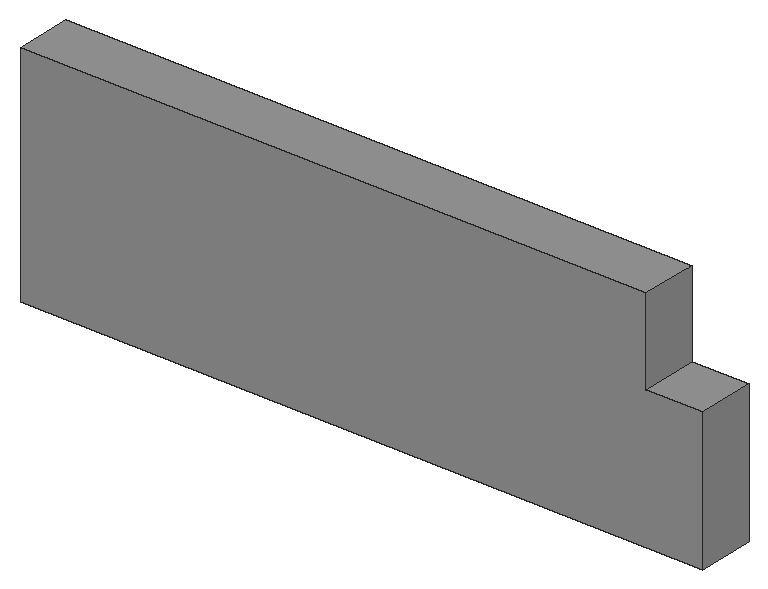
Revit family "1. Infercoa_PDroite_FRA", category Modelos genéricos, Revit 2017
Family settings
  Anfitrión = Muro
  Puede alojar armadura = No
  Cota de conector redondo = Diámetro de uso
  Tipo de pieza = Normal
  Siempre vertical = Sí
  Corte con vacíos al cargar = No
  Compartido = No
  Punto de cálculo de habitación = No
Parameters (values of type "Stonepanel® Infercoa")
  Uniclass 2015 = "Pr_25_71_14_56 Natural stone panels"
  Uniclass 2 = "Pr_25_71_14_56 Natural stone panels"
  Omniclass = "23-15 15 15 11"
  NBS Reference = "45-25-45/380 Natural stone panels"
  Advantages de Stonepanel = "Efficacité:  L’installation des panneaux est simple et facile. Elle n’implique pas l’utilisation de machines spécifiques. La pose est dix fois plus rapide que la pose traditionnelle (20 m2 en moyenne par jour). La longévité de ce produit naturel est supérieure aux autres types de revêtement. Les déchets et les pertes dues aux coupes sont amplement diminués durant le chantier.\r\nSécurité: Le système de fixation breveté et homologué, en acier inoxydable, permet l’installation à plus de 2 mètres de hauteur (Avis Technique, CSTB). La base en ciment, homogène et rugueuse, garantit l’adhésion et permet d’être coupée sans décollement des pierres.\r\nQualité: Le contrôle de la production est effectué de façon continue par le département Innovation de CUPAGROUP. Chaque pierre naturelle est sélectionnée avec une attention particulière par les experts de CUPA STONE. Angles courts, longs, massifs, doubles, pour les fenêtres ou les dessus de mur… De nombreuses pièces spéciales sont proposées en option pour s’adapter parfaitement aux différentes configurations de chantier.\r\nEsthétisme: Le parement en forme de « S » rend les joints invisibles et assure un aspect homogène à la surface installée. Notre gamme de parements en pierre naturelle permet de choisir parmi un large choix de finitions et de coloris. Chaque pierre est unique, ainsi chaque panneau révèle l’élégance et la noblesse de la pierre naturelle."
  Utilisations indiquées = "Revêtements de murs intérieurs ou extérieurs, pour des ouvrages de 12 m de haut au plus.\r\nEn murs intérieurs, les supports admis sont les suivants (ils doivent avoir une épaisseur de 6 cm minimum) :\r\n- les murs en béton,\r\n- les panneaux préfabriqués en béton,\r\n- les enduits à base de ciment sur murs en béton et, murs et parois\r\nen maçonnerie.\r\nEn murs extérieurs, les supports admis sont ceux définis dans le NF DTU 52.2 P1-1-2 (P 61-204-1-1-2) « Cahier des clauses Techniques pour les murs extérieurs ». \r\nEn murs intérieurs, les supports admis sont les suivants (ils doivent avoir une épaisseur de 6 cm minimum) :\r\n- les murs en béton,\r\n- les panneaux préfabriqués en béton,\r\n- les enduits à base de ciment sur murs en béton et, murs et parois\r\nen maçonnerie.\r\nEn murs extérieurs, les supports admis sont ceux définis dans le NF DTU 52.2 P1-1-2 (P 61-204-1-1-2) « Cahier des clauses Techniques pour les murs extérieurs »."
  URL = "http://www.cupastone.fr/produit/stonepanel-orient/"
  Résistance au feu = "STONEPANEL ne sont pas de nature à affecter la tenue au feu des ouvrages."
  Durabilité = "La durabilité de l’ouvrage peut être appréciée comme équivalente à celle d’un carrelage collé en façade."
  Type de livraison = "Les panneaux sont emballés en plastique, en paires."
  Résistance = "Résistance élevée"
  Poids = "8,75 kg"
  Oxydation = "Oxydation naturelle"
  Autres données intéressants = "STONEPANEL  est utilisé pour la réalisation de revêtements de murs intérieurs ou extérieurs, pour des ouvrages de 12 m de haut au plus."
  Modelo = "Stonepanel® Infercoa"
  Matérial = "Parement en quartzite noir Infercoa, exclusivité Cupa Stone, aux tonalités gris foncés en forme de blocs irréguliers pour doter les murs d’un style sobre, naturel, rustique et fort en caractère."
  Nettoyage = "En général, les panneaux ne nécessitent pas d'entretien et sont autonettoyants, mais la suppression de certains types de marques peuvent nécessiter un traitement spécialisé.\r\nPour les salissures anormales, la surface peut être nettoyée à l'aide d'un mélange eau / détergent chaud, appliqué avec un tampon de nettoyage approprié ou une éponge."
  Long = 600 mm
  Impact = "-"
  Imagen de tipo = <Ninguno>
  Format = "600 x 200"
  Form = "Forme de « S »"
  Fabricante = "Cupastone"
  Le vieillissement par des changements thermiques = "Pas d’altération après 20 cycles."
  Tests effectués par Avis Technique = "Résistance mécanique de l'ancrage\r\nRésistance mécanique de l'attache de sécurité\r\nEssais de durabilité après action de l'eau\r\nEssais de durabilité après action du gel\r\nEssai sismique"
  Décalage de hauteur = 0 mm
  Descripción = "Système de panneaux de pierre naturelle prémontés et assemblés\r\nsur une base en ciment renforcée, sur la face arrière, par une armature en fibre de verre."
  Densité apparente = "79,5 kg/m2"
  Couleur secondaire = "Gris Foncé"
  Couleur principale = "Noir"
  Certificats = "Avis Technique - France"
  Apparence = "Rustique"
  Largeur = 50 mm
  Haut = 200 mm
  Finiton = "Naturelle"
  Absorption = "Basse absorption"
  Système d'ancrage = "Bande perforée en acier inoxydable:\r\n- Nature de l’acier : AISI 316 (1.4401) ou AISI 304 (1.4301)\r\n- Epaisseur minimale (mm) : 0,7\r\n- Largeur (mm) : 12 à 15\r\n- Diamètre du trou (mm) : 6 ± 1\r\n\r\nChevilles:\r\nLe choix des chevilles de fixation doit être déterminé compte tenu de l’action en dépression du vent (murs extérieurs) et de la résistance des chevilles dans le support considéré en fonction de de la nature du support. Un exemple de cheville à utiliser est TAPCO TC 6/30 x 60.\r\nLa charge admissible des chevilles est égale à 1/K fois la résistance caractéristique indiquée dans l’Agrément Technique Européen de la cheville ou :\r\n   K = 1,75 par comparaison au vent normal\r\n   K = 3 par comparaison au vent extrême\r\nLes chevilles doivent être adaptées à la nature du support porteur."
  Détails de construction = "Détails de:\r\n- Mise en oeuvre avec un profilé en métal\r\n- Mise en oeuvre de Stonepanel\r\n- Mise en oeuvre de Stonepanel en murs intérieurs\r\n- Mise en oeuvre de l'élément de sécurité\r\n- Angles rentrants\r\n- Angles sortants avec continuité de Stonepanel - éléments d'angles\r\n- Angles sortants avec continuité de Stonepanel - angles préformés\r\n- Angles sortants avec continuité de Stonepanel - sciage d'un panneau\r\n- Angles sortants sans continuité de Stonepanel - cas d'un pignon isolé\r\n- Arêtes supérieures\r\n- Dessus d'acrotère\r\n- Encadrement de baie"
Reference planes
  plane 1 "Muro": y = 0
  plane 2 "Centro (Izquierda/Derecha)": x = 125
  plane 3 "Posterior": y = 75
Forms (mm)
  Extrusion 1, solid, material "Stonepanel® SKY Orient"
    sketch origin (0, 160, 1120) x (1, 0, 0) y (0, 0, 1)
      loop
        line (125, -1120) -> (125, -996) -> (75, -996) -> (75, -920) -> (-475, -920) -> (-475, -1120) -> (125, -1120)
    from 35 to 85
Text (mm)
  text "Cara de colocación" at (-1848.837, 1116.779, 0), in view "Nivel de referencia"
  text "Cara de colocación" at (0, 1409.804, 2854.306), in view "Izquierda"
  text "Cara de colocación" at (0, 499.811, 2980.732), in view "Derecha"
Dimensions and locks
  locked: plane 3 "Posterior" to host wall
  locked: Extrusion 1 to plane 3 "Posterior" at 0
  "Largeur": Extrusion 1 to Extrusion 1
  "Long": Extrusion 1 to Extrusion 1
  locked: Extrusion 1 to Extrusion 1 at 76
  "Décalage de hauteur": level to Extrusion 1
  locked: Extrusion 1 to Extrusion 1 at 50
  "Haut": Extrusion 1 to Extrusion 1
  aligned and locked: plane 1 "Muro" to host wall
Automatic sketch dimensions
  Extrusion 1 sketch curve to level = 0 mm
  Extrusion 1 sketch curve to plane 2 "Centro (Izquierda/Derecha)" = 0 mm
  Extrusion 1 sketch curve to plane 2 "Centro (Izquierda/Derecha)" = 50 mm
  level to Extrusion 1 sketch curve = 200 mm
  Extrusion 1 sketch curve to Extrusion 1 sketch curve = 550 mm
  level to Extrusion 1 sketch curve = 124 mm
